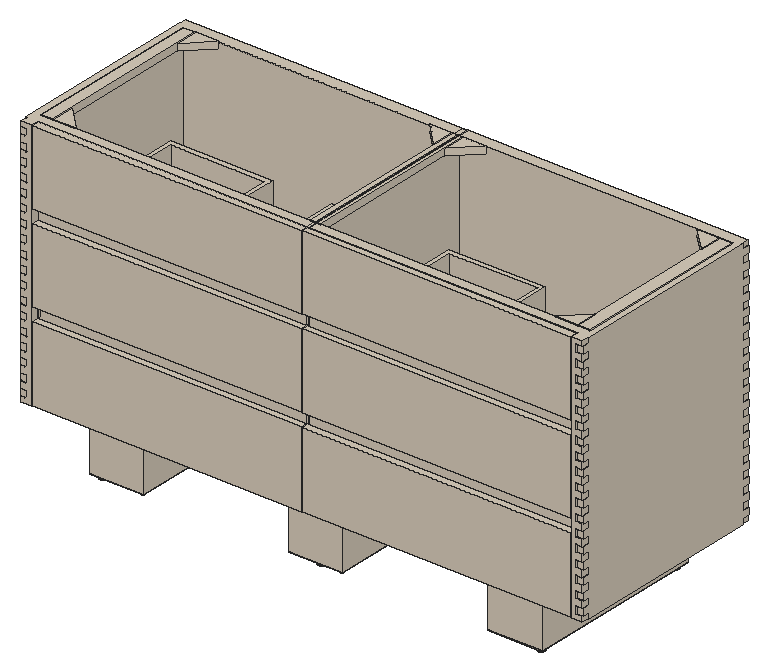
Revit family "Furniture-Floor_Mount-Vanity-KOHLER-Landshapes-K-32299", category Casework, host Face, Revit 2021 (continued)
Definition of nested family "K-32299"
  Lines and regions (in)
    Masking region 2
      outline origin (0, -24, 0) x (1, 0, 0) y (0, 0, 1)
        loop
          line (16.38731, 0.07607) -> (16.38731, 0.27559) -> (18.8368, 0.27559) -> (18.95491, 0.3937) -> (18.95491, 6.1811) -> (31.24952, 6.1811) -> (34.57629, 6.1811) -> (34.57629, 0.3937) -> (34.6944, 0.27559) -> (39.37944, 0.27559) -> (39.37944, 0.07607)
          arc (39.37944, 0.07607) -> (39.40172, 0.02228) -> (39.45551, 0) r 0.07607
          line (39.45551, 0) -> (39.77314, 0) -> (40.09076, 0)
          arc (40.09076, 0) -> (40.14456, 0.02228) -> (40.16684, 0.07607) r 0.07607
          line (40.16684, 0.07607) -> (40.16684, 0.27559) -> (40.36369, 0.27559) -> (40.4818, 0.3937) -> (40.4818, 6.1811) -> (46.50542, 6.1811) -> (46.50542, 33.50394) -> (31.24952, 33.50394) -> (0.7377, 33.50394)
    Masking region 3
      outline origin (-23.2623, 0, 0) x (0, -1, 0) y (0, 0, 1)
        loop
          line (2.38583, 0.3937) -> (2.50394, 0.27559) -> (2.70079, 0.27559) -> (2.70079, 0.0701)
          arc (2.70079, 0.0701) -> (2.72132, 0.02053) -> (2.77089, 0) r 0.0701
          line (2.77089, 0) -> (3.05512, 0) -> (3.41316, 0)
          arc (3.41316, 0) -> (3.46273, 0.02053) -> (3.48327, 0.0701) r 0.0701
          line (3.48327, 0.0701) -> (3.48327, 0.27559) -> (20.92869, 0.27559) -> (20.92869, 0.0701)
          arc (20.92869, 0.0701) -> (20.94923, 0.02053) -> (20.9988, 0) r 0.0701
          line (20.9988, 0) -> (21.35684, 0) -> (21.64107, 0)
          arc (21.64107, 0) -> (21.69064, 0.02053) -> (21.71117, 0.0701) r 0.0701
          line (21.71117, 0.0701) -> (21.71117, 0.27559) -> (21.90802, 0.27559) -> (22.02613, 0.3937) -> (22.02613, 6.1811) -> (24, 6.1811) -> (24, 33.4252) -> (23.92126, 33.4252) -> (23.92126, 33.50394) -> (1.71654, 33.50394) -> (1.71654, 33.4252) -> (1.6378, 33.4252) -> (1.6378, 6.1811) -> (2.38583, 6.1811) -> (2.38583, 0.3937)
    symbolic lines, detail levels medium+fine
      curve 1: line (-14.50836, -24, 33.4252) -> (-13.27804, -24, 33.4252)
      curve 2: line (-14.43946, -24, 33.50394) -> (-14.43946, -24, 33.4252)
      curve 3: line (-14.50836, -24, 33.4252) -> (-14.50836, -24, 33.50394)
      curve 4: line (-13.27804, -24, 6.1811) -> (-13.27804, -24, 33.50394)
      curve 5: line (-13.77017, -24, 32.93307) -> (-14.5182, -24, 32.93307)
      curve 6: line (-13.77017, -24, 32.18504) -> (-13.77017, -24, 32.93307)
      curve 7: line (-14.5182, -24, 32.18504) -> (-13.77017, -24, 32.18504)
      curve 8: line (-13.15993, -24, 25.35433) -> (-13.15993, -24, 33.4252)
      curve 9: line (15.93377, -24, 33.4252) -> (-13.15993, -24, 33.4252)
      curve 10: line (-13.27804, -24, 31.92913) -> (-13.15993, -24, 31.92913)
      curve 11: line (-13.77017, -24, 31.43701) -> (-14.5182, -24, 31.43701)
      curve 12: line (-13.77017, -24, 30.68898) -> (-13.77017, -24, 31.43701)
      curve 13: line (-14.5182, -24, 30.68898) -> (-13.77017, -24, 30.68898)
      curve 14: line (-13.77017, -24, 29.94094) -> (-14.5182, -24, 29.94094)
      curve 15: line (-13.77017, -24, 29.19291) -> (-13.77017, -24, 29.94094)
      curve 16: line (-14.5182, -24, 29.19291) -> (-13.77017, -24, 29.19291)
      curve 17: line (-13.77017, -24, 28.44488) -> (-14.5182, -24, 28.44488)
      curve 18: line (-13.77017, -24, 27.69685) -> (-13.77017, -24, 28.44488)
      curve 19: line (-14.5182, -24, 27.69685) -> (-13.77017, -24, 27.69685)
      curve 20: line (-13.77017, -24, 26.94882) -> (-14.5182, -24, 26.94882)
      curve 21: line (-13.77017, -24, 26.20079) -> (-13.77017, -24, 26.94882)
      curve 22: line (-14.5182, -24, 26.20079) -> (-13.77017, -24, 26.20079)
      curve 23: line (-13.77017, -24, 25.45276) -> (-14.5182, -24, 25.45276)
      curve 24: line (-13.77017, -24, 24.70472) -> (-13.77017, -24, 25.45276)
      curve 25: line (-14.5182, -24, 24.70472) -> (-13.77017, -24, 24.70472)
      curve 26: line (-13.77017, -24, 23.95669) -> (-14.5182, -24, 23.95669)
      curve 27: line (-13.77017, -24, 23.20866) -> (-13.77017, -24, 23.95669)
      curve 28: line (-14.5182, -24, 23.20866) -> (-13.77017, -24, 23.20866)
      curve 29: line (-13.77017, -24, 22.46063) -> (-14.5182, -24, 22.46063)
      curve 30: line (-13.77017, -24, 21.7126) -> (-13.77017, -24, 22.46063)
      curve 31: line (-14.5182, -24, 21.7126) -> (-13.77017, -24, 21.7126)
      curve 32: line (-13.77017, -24, 20.96457) -> (-14.5182, -24, 20.96457)
      curve 33: line (-13.77017, -24, 20.21654) -> (-13.77017, -24, 20.96457)
      curve 34: line (-14.5182, -24, 20.21654) -> (-13.77017, -24, 20.21654)
      curve 35: line (-13.77017, -24, 19.4685) -> (-14.5182, -24, 19.4685)
      curve 36: line (-13.77017, -24, 18.72047) -> (-13.77017, -24, 19.4685)
      curve 37: line (-14.5182, -24, 18.72047) -> (-13.77017, -24, 18.72047)
      curve 38: line (-13.77017, -24, 17.97244) -> (-14.5182, -24, 17.97244)
      curve 39: line (-13.77017, -24, 17.22441) -> (-13.77017, -24, 17.97244)
      curve 40: line (-14.5182, -24, 17.22441) -> (-13.77017, -24, 17.22441)
      curve 41: line (-13.77017, -24, 16.47638) -> (-14.5182, -24, 16.47638)
      curve 42: line (-14.5182, -24, 15.72835) -> (-13.77017, -24, 15.72835)
      curve 43: line (-13.77017, -24, 15.72835) -> (-13.77017, -24, 16.47638)
      curve 44: line (-13.77017, -24, 14.98031) -> (-14.5182, -24, 14.98031)
      curve 45: line (-13.77017, -24, 14.23228) -> (-13.77017, -24, 14.98031)
      curve 46: line (-14.5182, -24, 14.23228) -> (-13.77017, -24, 14.23228)
      curve 47: line (-13.77017, -24, 13.48425) -> (-14.5182, -24, 13.48425)
      curve 48: line (-14.5182, -24, 12.73622) -> (-13.77017, -24, 12.73622)
      curve 49: line (-13.77017, -24, 12.73622) -> (-13.77017, -24, 13.48425)
      curve 50: line (-13.77017, -24, 11.98819) -> (-14.5182, -24, 11.98819)
      curve 51: line (-13.77017, -24, 11.24016) -> (-13.77017, -24, 11.98819)
      curve 52: line (-14.5182, -24, 11.24016) -> (-13.77017, -24, 11.24016)
      curve 53: line (-13.77017, -24, 10.49213) -> (-14.5182, -24, 10.49213)
      curve 54: line (-13.77017, -24, 9.74409) -> (-13.77017, -24, 10.49213)
      curve 55: line (-14.5182, -24, 9.74409) -> (-13.77017, -24, 9.74409)
      curve 56: line (-13.77017, -24, 8.99606) -> (-14.5182, -24, 8.99606)
      curve 57: line (-13.77017, -24, 8.24803) -> (-13.77017, -24, 8.99606)
      curve 58: line (-14.5182, -24, 8.24803) -> (-13.77017, -24, 8.24803)
      curve 59: line (-13.77017, -24, 7.5) -> (-14.5182, -24, 7.5)
      curve 60: line (-13.77017, -24, 6.75197) -> (-13.77017, -24, 7.5)
      curve 61: line (-14.5182, -24, 6.75197) -> (-13.77017, -24, 6.75197)
      curve 62: line (15.93377, -24, 14.37008) -> (-13.15993, -24, 14.37008)
      curve 63: line (-13.15993, -24, 6.1811) -> (-13.15993, -24, 14.37008)
      curve 64: line (-13.15993, -24, 14.48819) -> (15.93377, -24, 14.48819)
      curve 65: line (-13.15993, -24, 15.82677) -> (15.93377, -24, 15.82677)
      curve 66: line (-13.15993, -24, 14.48819) -> (-13.15993, -24, 17.08661)
      curve 67: arc (-13.15993, -24, 14.67785) -> (-13.24589, -24, 14.75045) -> (-13.27804, -24, 14.85827) r 0.19685
      curve 68: arc (-13.1993, -24, 14.85826) -> (-13.18901, -24, 14.81004) -> (-13.15993, -24, 14.77022) r 0.11811
      curve 69: line (-13.1993, -24, 14.85826) -> (-13.1993, -24, 15.27928)
      curve 70: line (-13.1993, -24, 15.27928) -> (-13.15993, -24, 15.33551)
      curve 71: line (-13.1993, -24, 16.5315) -> (-13.27804, -24, 16.5315)
      curve 72: line (-13.1993, -24, 16.43504) -> (-13.1993, -24, 16.5315)
      curve 73: line (-13.15993, -24, 16.37881) -> (-13.1993, -24, 16.43504)
      curve 74: line (-13.15993, -24, 15.82677) -> (-13.15993, -24, 23.89764)
      curve 75: line (15.93377, -24, 23.89764) -> (-13.15993, -24, 23.89764)
      curve 76: line (-13.15993, -24, 24.01575) -> (15.93377, -24, 24.01575)
      curve 77: line (-12.88434, -24, 23.89764) -> (-12.88434, -24, 24.01575)
      curve 78: line (-13.15993, -24, 24.01575) -> (-13.15993, -24, 26.61417)
      curve 79: line (-13.15993, -24, 25.35433) -> (15.93377, -24, 25.35433)
      curve 80: line (-8.21899, -24, 0.27559) -> (-7.43159, -24, 0.27559)
      curve 81: line (-8.21899, -24, 0.07607) -> (-7.43159, -24, 0.07607)
      curve 82: line (-8.53395, -24, 0.3937) -> (-2.62844, -24, 0.3937)
      curve 83: line (-11.28985, -24, 6.1811) -> (-2.62844, -24, 6.1811)
      curve 84: line (46.49558, -24, 33.4252) -> (16.05188, -24, 33.4252)
      curve 85: line (46.42668, -24, 33.50394) -> (46.42668, -24, 33.4252)
      curve 86: line (46.49558, -24, 33.4252) -> (46.49558, -24, 33.50394)
      curve 87: line (16.05188, -24, 6.1811) -> (16.05188, -24, 33.50394)
      curve 88: line (45.75739, -24, 32.93307) -> (46.50542, -24, 32.93307)
      curve 89: line (45.75739, -24, 32.18504) -> (45.75739, -24, 32.93307)
      curve 90: line (46.50542, -24, 32.18504) -> (45.75739, -24, 32.18504)
      curve 91: line (15.93377, -24, 25.35433) -> (15.93377, -24, 33.4252)
      curve 92: line (16.05188, -24, 31.92913) -> (15.93377, -24, 31.92913)
      curve 93: line (45.75739, -24, 31.43701) -> (46.50542, -24, 31.43701)
      curve 94: line (45.75739, -24, 30.68898) -> (45.75739, -24, 31.43701)
      curve 95: line (46.50542, -24, 30.68898) -> (45.75739, -24, 30.68898)
      curve 96: line (45.75739, -24, 29.94094) -> (46.50542, -24, 29.94094)
      curve 97: line (45.75739, -24, 29.19291) -> (45.75739, -24, 29.94094)
      curve 98: line (46.50542, -24, 29.19291) -> (45.75739, -24, 29.19291)
      curve 99: line (45.75739, -24, 28.44488) -> (46.50542, -24, 28.44488)
      curve 100: line (45.75739, -24, 27.69685) -> (45.75739, -24, 28.44488)
      curve 101: line (46.50542, -24, 27.69685) -> (45.75739, -24, 27.69685)
      curve 102: line (45.75739, -24, 26.94882) -> (46.50542, -24, 26.94882)
      curve 103: line (45.75739, -24, 26.20079) -> (45.75739, -24, 26.94882)
      curve 104: line (46.50542, -24, 26.20079) -> (45.75739, -24, 26.20079)
      curve 105: line (45.75739, -24, 25.45276) -> (46.50542, -24, 25.45276)
      curve 106: line (45.75739, -24, 24.70472) -> (45.75739, -24, 25.45276)
      curve 107: line (46.50542, -24, 24.70472) -> (45.75739, -24, 24.70472)
      curve 108: line (45.75739, -24, 23.95669) -> (46.50542, -24, 23.95669)
      curve 109: line (45.75739, -24, 23.20866) -> (45.75739, -24, 23.95669)
      curve 110: line (46.50542, -24, 23.20866) -> (45.75739, -24, 23.20866)
      curve 111: line (45.75739, -24, 22.46063) -> (46.50542, -24, 22.46063)
      curve 112: line (45.75739, -24, 21.7126) -> (45.75739, -24, 22.46063)
      curve 113: line (46.50542, -24, 21.7126) -> (45.75739, -24, 21.7126)
      curve 114: line (45.75739, -24, 20.96457) -> (46.50542, -24, 20.96457)
      curve 115: line (45.75739, -24, 20.21654) -> (45.75739, -24, 20.96457)
      curve 116: line (46.50542, -24, 20.21654) -> (45.75739, -24, 20.21654)
      curve 117: line (45.75739, -24, 19.4685) -> (46.50542, -24, 19.4685)
      curve 118: line (45.75739, -24, 18.72047) -> (45.75739, -24, 19.4685)
      curve 119: line (46.50542, -24, 18.72047) -> (45.75739, -24, 18.72047)
      curve 120: line (45.75739, -24, 17.97244) -> (46.50542, -24, 17.97244)
      curve 121: line (45.75739, -24, 17.22441) -> (45.75739, -24, 17.97244)
      curve 122: line (46.50542, -24, 17.22441) -> (45.75739, -24, 17.22441)
      curve 123: line (45.75739, -24, 16.47638) -> (46.50542, -24, 16.47638)
      curve 124: line (46.50542, -24, 15.72835) -> (45.75739, -24, 15.72835)
      curve 125: line (45.75739, -24, 15.72835) -> (45.75739, -24, 16.47638)
      curve 126: line (45.75739, -24, 14.98031) -> (46.50542, -24, 14.98031)
      curve 127: line (45.75739, -24, 14.23228) -> (45.75739, -24, 14.98031)
      curve 128: line (46.50542, -24, 14.23228) -> (45.75739, -24, 14.23228)
      curve 129: line (45.75739, -24, 13.48425) -> (46.50542, -24, 13.48425)
      curve 130: line (46.50542, -24, 12.73622) -> (45.75739, -24, 12.73622)
      curve 131: line (45.75739, -24, 12.73622) -> (45.75739, -24, 13.48425)
      curve 132: line (45.75739, -24, 11.98819) -> (46.50542, -24, 11.98819)
      curve 133: line (45.75739, -24, 11.24016) -> (45.75739, -24, 11.98819)
      curve 134: line (46.50542, -24, 11.24016) -> (45.75739, -24, 11.24016)
      curve 135: line (45.75739, -24, 10.49213) -> (46.50542, -24, 10.49213)
      curve 136: line (45.75739, -24, 9.74409) -> (45.75739, -24, 10.49213)
      curve 137: line (46.50542, -24, 9.74409) -> (45.75739, -24, 9.74409)
      curve 138: line (45.75739, -24, 8.99606) -> (46.50542, -24, 8.99606)
      curve 139: line (45.75739, -24, 8.24803) -> (45.75739, -24, 8.99606)
      curve 140: line (46.50542, -24, 8.24803) -> (45.75739, -24, 8.24803)
      curve 141: line (45.75739, -24, 7.5) -> (46.50542, -24, 7.5)
      curve 142: line (45.75739, -24, 6.75197) -> (45.75739, -24, 7.5)
      curve 143: line (46.50542, -24, 6.75197) -> (45.75739, -24, 6.75197)
      curve 144: line (15.93377, -24, 6.1811) -> (15.93377, -24, 14.37008)
      curve 145: line (15.93377, -24, 14.48819) -> (15.93377, -24, 17.08661)
      curve 146: line (15.93377, -24, 15.82677) -> (15.93377, -24, 23.89764)
      curve 147: line (15.65818, -24, 23.89764) -> (15.65818, -24, 24.01575)
      curve 148: line (15.93377, -24, 24.01575) -> (15.93377, -24, 26.61417)
      curve 149: line (16.38731, -24, 0.27559) -> (15.59991, -24, 0.27559)
      curve 150: line (16.38731, -24, 0.07607) -> (15.59991, -24, 0.07607)
      curve 151: line (18.95491, -24, 0.3937) -> (13.0494, -24, 0.3937)
      curve 152: line (12.76526, -24, 6.1811) -> (6.85975, -24, 6.1811)
      curve 153: line (-13.27804, -24, 28.93701) -> (-13.15993, -24, 28.93701)
      curve 154: arc (-13.15993, -24, 7.07943) -> (-13.24589, -24, 7.15202) -> (-13.27804, -24, 7.25984) r 0.19685
      curve 155: arc (-13.1993, -24, 7.25983) -> (-13.18901, -24, 7.21161) -> (-13.15993, -24, 7.1718) r 0.11811
      curve 156: line (-13.1993, -24, 7.25983) -> (-13.1993, -24, 7.68085)
      curve 157: line (-13.1993, -24, 7.68085) -> (-13.15993, -24, 7.73708)
      curve 158: line (-13.1993, -24, 8.93307) -> (-13.27804, -24, 8.93307)
      curve 159: line (-13.1993, -24, 8.83661) -> (-13.1993, -24, 8.93307)
      curve 160: line (-13.15993, -24, 8.78039) -> (-13.1993, -24, 8.83661)
      curve 161: line (-13.27804, -24, 6.88976) -> (-13.15993, -24, 6.88976)
      curve 162: line (15.93377, -24, 8.93307) -> (16.05188, -24, 8.93307)
      curve 163: line (16.05188, -24, 6.88976) -> (15.93377, -24, 6.88976)
      curve 164: line (16.05188, -24, 28.93701) -> (15.93377, -24, 28.93701)
      curve 165: line (-23.2623, -1.6378, 32.93307) -> (-23.2623, -2.38583, 32.93307)
      curve 166: line (-23.2623, -2.38583, 32.93307) -> (-23.2623, -2.38583, 33.50394)
      curve 167: line (-23.2623, -2.38583, 32.18504) -> (-23.2623, -1.6378, 32.18504)
      curve 168: line (-23.2623, -2.38583, 31.43701) -> (-23.2623, -2.38583, 32.18504)
      curve 169: line (-23.2623, -1.6378, 31.43701) -> (-23.2623, -2.38583, 31.43701)
      curve 170: line (-23.2623, -2.38583, 30.68898) -> (-23.2623, -1.6378, 30.68898)
      curve 171: line (-23.2623, -2.38583, 29.94094) -> (-23.2623, -2.38583, 30.68898)
      curve 172: line (-23.2623, -1.6378, 29.94094) -> (-23.2623, -2.38583, 29.94094)
      curve 173: line (-23.2623, -2.38583, 29.19291) -> (-23.2623, -1.6378, 29.19291)
      curve 174: line (-23.2623, -2.38583, 28.44488) -> (-23.2623, -2.38583, 29.19291)
      curve 175: line (-23.2623, -1.6378, 28.44488) -> (-23.2623, -2.38583, 28.44488)
      curve 176: line (-23.2623, -2.38583, 27.69685) -> (-23.2623, -1.6378, 27.69685)
      curve 177: line (-23.2623, -2.38583, 26.94882) -> (-23.2623, -2.38583, 27.69685)
      curve 178: line (-23.2623, -1.6378, 26.94882) -> (-23.2623, -2.38583, 26.94882)
      curve 179: line (-23.2623, -2.38583, 26.20079) -> (-23.2623, -1.6378, 26.20079)
      curve 180: line (-23.2623, -2.38583, 25.45276) -> (-23.2623, -2.38583, 26.20079)
      curve 181: line (-23.2623, -1.6378, 25.45276) -> (-23.2623, -2.38583, 25.45276)
      curve 182: line (-23.2623, -2.38583, 24.70472) -> (-23.2623, -1.6378, 24.70472)
      curve 183: line (-23.2623, -2.38583, 23.95669) -> (-23.2623, -2.38583, 24.70472)
      curve 184: line (-23.2623, -1.6378, 23.95669) -> (-23.2623, -2.38583, 23.95669)
      curve 185: line (-23.2623, -2.38583, 23.20866) -> (-23.2623, -1.6378, 23.20866)
      curve 186: line (-23.2623, -2.38583, 22.46063) -> (-23.2623, -2.38583, 23.20866)
      curve 187: line (-23.2623, -1.6378, 22.46063) -> (-23.2623, -2.38583, 22.46063)
      curve 188: line (-23.2623, -2.38583, 21.7126) -> (-23.2623, -1.6378, 21.7126)
      curve 189: line (-23.2623, -2.38583, 20.96457) -> (-23.2623, -2.38583, 21.7126)
      curve 190: line (-23.2623, -1.6378, 20.96457) -> (-23.2623, -2.38583, 20.96457)
      curve 191: line (-23.2623, -2.38583, 20.21654) -> (-23.2623, -1.6378, 20.21654)
      curve 192: line (-23.2623, -2.38583, 19.4685) -> (-23.2623, -2.38583, 20.21654)
      curve 193: line (-23.2623, -1.6378, 19.4685) -> (-23.2623, -2.38583, 19.4685)
      curve 194: line (-23.2623, -2.38583, 18.72047) -> (-23.2623, -1.6378, 18.72047)
      curve 195: line (-23.2623, -2.38583, 17.97244) -> (-23.2623, -2.38583, 18.72047)
      curve 196: line (-23.2623, -1.6378, 17.97244) -> (-23.2623, -2.38583, 17.97244)
      curve 197: line (-23.2623, -2.38583, 17.22441) -> (-23.2623, -1.6378, 17.22441)
      curve 198: line (-23.2623, -2.38583, 16.47638) -> (-23.2623, -2.38583, 17.22441)
      curve 199: line (-23.2623, -1.6378, 16.47638) -> (-23.2623, -2.38583, 16.47638)
      curve 200: line (-23.2623, -2.38583, 15.72835) -> (-23.2623, -1.6378, 15.72835)
      curve 201: line (-23.2623, -2.38583, 14.98031) -> (-23.2623, -2.38583, 15.72835)
      curve 202: line (-23.2623, -1.6378, 14.98031) -> (-23.2623, -2.38583, 14.98031)
      curve 203: line (-23.2623, -2.38583, 14.23228) -> (-23.2623, -1.6378, 14.23228)
      curve 204: line (-23.2623, -2.38583, 13.48425) -> (-23.2623, -2.38583, 14.23228)
      curve 205: line (-23.2623, -1.6378, 13.48425) -> (-23.2623, -2.38583, 13.48425)
      curve 206: line (-23.2623, -2.38583, 12.73622) -> (-23.2623, -1.6378, 12.73622)
      curve 207: line (-23.2623, -2.38583, 11.98819) -> (-23.2623, -2.38583, 12.73622)
      curve 208: line (-23.2623, -1.6378, 11.98819) -> (-23.2623, -2.38583, 11.98819)
      curve 209: line (-23.2623, -2.38583, 11.24016) -> (-23.2623, -1.6378, 11.24016)
      curve 210: line (-23.2623, -2.38583, 10.49213) -> (-23.2623, -2.38583, 11.24016)
      curve 211: line (-23.2623, -1.6378, 10.49213) -> (-23.2623, -2.38583, 10.49213)
      curve 212: line (-23.2623, -2.38583, 9.74409) -> (-23.2623, -1.6378, 9.74409)
      curve 213: line (-23.2623, -2.38583, 8.99606) -> (-23.2623, -2.38583, 9.74409)
      curve 214: line (-23.2623, -1.6378, 8.99606) -> (-23.2623, -2.38583, 8.99606)
      curve 215: line (-23.2623, -2.38583, 8.24803) -> (-23.2623, -1.6378, 8.24803)
      curve 216: line (-23.2623, -2.38583, 7.5) -> (-23.2623, -2.38583, 8.24803)
      curve 217: line (-23.2623, -1.6378, 7.5) -> (-23.2623, -2.38583, 7.5)
      curve 218: line (-23.2623, -2.38583, 6.75197) -> (-23.2623, -1.6378, 6.75197)
      curve 219: line (-23.2623, -2.38583, 6.1811) -> (-23.2623, -2.38583, 6.75197)
      curve 220: line (-23.2623, -1.6378, 6.1811) -> (-23.2623, -23.99016, 6.1811)
      curve 221: line (-23.2623, -22.0315, 0.3937) -> (-23.2623, -2.38583, 0.3937)
      curve 222: line (-23.2623, -2.50394, 0.27559) -> (-23.2623, -21.91339, 0.27559)
      curve 223: line (-23.2623, -24, 32.93307) -> (-23.2623, -23.25197, 32.93307)
      curve 224: line (-23.2623, -23.25197, 32.93307) -> (-23.2623, -23.25197, 33.50394)
      curve 225: line (-23.2623, -23.25197, 32.18504) -> (-23.2623, -24, 32.18504)
      curve 226: line (-23.2623, -23.25197, 31.43701) -> (-23.2623, -23.25197, 32.18504)
      curve 227: line (-23.2623, -24, 31.43701) -> (-23.2623, -23.25197, 31.43701)
      curve 228: line (-23.2623, -23.25197, 30.68898) -> (-23.2623, -24, 30.68898)
      curve 229: line (-23.2623, -23.25197, 29.94094) -> (-23.2623, -23.25197, 30.68898)
      curve 230: line (-23.2623, -24, 29.94094) -> (-23.2623, -23.25197, 29.94094)
      curve 231: line (-23.2623, -23.25197, 29.19291) -> (-23.2623, -24, 29.19291)
      curve 232: line (-23.2623, -23.25197, 28.44488) -> (-23.2623, -23.25197, 29.19291)
      curve 233: line (-23.2623, -24, 28.44488) -> (-23.2623, -23.25197, 28.44488)
      curve 234: line (-23.2623, -23.25197, 27.69685) -> (-23.2623, -24, 27.69685)
      curve 235: line (-23.2623, -23.25197, 26.94882) -> (-23.2623, -23.25197, 27.69685)
      curve 236: line (-23.2623, -24, 26.94882) -> (-23.2623, -23.25197, 26.94882)
      curve 237: line (-23.2623, -23.25197, 26.20079) -> (-23.2623, -24, 26.20079)
      curve 238: line (-23.2623, -23.25197, 25.45276) -> (-23.2623, -23.25197, 26.20079)
      curve 239: line (-23.2623, -24, 25.45276) -> (-23.2623, -23.25197, 25.45276)
      curve 240: line (-23.2623, -23.25197, 24.70472) -> (-23.2623, -24, 24.70472)
      curve 241: line (-23.2623, -23.25197, 23.95669) -> (-23.2623, -23.25197, 24.70472)
      curve 242: line (-23.2623, -24, 23.95669) -> (-23.2623, -23.25197, 23.95669)
      curve 243: line (-23.2623, -23.25197, 23.20866) -> (-23.2623, -24, 23.20866)
      curve 244: line (-23.2623, -23.25197, 22.46063) -> (-23.2623, -23.25197, 23.20866)
      curve 245: line (-23.2623, -24, 22.46063) -> (-23.2623, -23.25197, 22.46063)
      curve 246: line (-23.2623, -23.25197, 21.7126) -> (-23.2623, -24, 21.7126)
      curve 247: line (-23.2623, -23.25197, 20.96457) -> (-23.2623, -23.25197, 21.7126)
      curve 248: line (-23.2623, -24, 20.96457) -> (-23.2623, -23.25197, 20.96457)
      curve 249: line (-23.2623, -23.25197, 20.21654) -> (-23.2623, -24, 20.21654)
      curve 250: line (-23.2623, -23.25197, 19.4685) -> (-23.2623, -23.25197, 20.21654)
      curve 251: line (-23.2623, -24, 19.4685) -> (-23.2623, -23.25197, 19.4685)
      curve 252: line (-23.2623, -23.25197, 18.72047) -> (-23.2623, -24, 18.72047)
      curve 253: line (-23.2623, -23.25197, 17.97244) -> (-23.2623, -23.25197, 18.72047)
      curve 254: line (-23.2623, -24, 17.97244) -> (-23.2623, -23.25197, 17.97244)
      curve 255: line (-23.2623, -23.25197, 17.22441) -> (-23.2623, -24, 17.22441)
      curve 256: line (-23.2623, -23.25197, 16.47638) -> (-23.2623, -23.25197, 17.22441)
      curve 257: line (-23.2623, -24, 16.47638) -> (-23.2623, -23.25197, 16.47638)
      curve 258: line (-23.2623, -23.25197, 15.72835) -> (-23.2623, -24, 15.72835)
      curve 259: line (-23.2623, -23.25197, 14.98031) -> (-23.2623, -23.25197, 15.72835)
      curve 260: line (-23.2623, -24, 14.98031) -> (-23.2623, -23.25197, 14.98031)
      curve 261: line (-23.2623, -23.25197, 14.23228) -> (-23.2623, -24, 14.23228)
      curve 262: line (-23.2623, -23.25197, 13.48425) -> (-23.2623, -23.25197, 14.23228)
      curve 263: line (-23.2623, -24, 13.48425) -> (-23.2623, -23.25197, 13.48425)
      curve 264: line (-23.2623, -23.25197, 12.73622) -> (-23.2623, -24, 12.73622)
      curve 265: line (-23.2623, -23.25197, 11.98819) -> (-23.2623, -23.25197, 12.73622)
      curve 266: line (-23.2623, -24, 11.98819) -> (-23.2623, -23.25197, 11.98819)
      curve 267: line (-23.2623, -23.25197, 11.24016) -> (-23.2623, -24, 11.24016)
      curve 268: line (-23.2623, -23.25197, 10.49213) -> (-23.2623, -23.25197, 11.24016)
      curve 269: line (-23.2623, -24, 10.49213) -> (-23.2623, -23.25197, 10.49213)
      curve 270: line (-23.2623, -23.25197, 9.74409) -> (-23.2623, -24, 9.74409)
      curve 271: line (-23.2623, -23.25197, 8.99606) -> (-23.2623, -23.25197, 9.74409)
      curve 272: line (-23.2623, -24, 8.99606) -> (-23.2623, -23.25197, 8.99606)
      curve 273: line (-23.2623, -23.25197, 8.24803) -> (-23.2623, -24, 8.24803)
      curve 274: line (-23.2623, -23.25197, 7.5) -> (-23.2623, -23.25197, 8.24803)
      curve 275: line (-23.2623, -24, 7.5) -> (-23.2623, -23.25197, 7.5)
      curve 276: line (-23.2623, -23.25197, 6.75197) -> (-23.2623, -24, 6.75197)
      curve 277: line (-23.2623, -23.25197, 6.1811) -> (-23.2623, -23.25197, 6.75197)
      curve 278: line (-23.2623, -2.70079, 0.0701) -> (-23.2623, -3.48327, 0.0701)
      curve 279: line (-23.2623, -21.71117, 0.0701) -> (-23.2623, -20.92869, 0.0701)
      curve 280: line (45.26526, -24, 6.1811) -> (45.26526, -24, 33.50394)
      curve 281: line (45.14715, -24, 25.35433) -> (45.14715, -24, 33.4252)
      curve 282: line (17.35188, -24, 33.4252) -> (45.14715, -24, 33.4252)
      curve 283: line (45.26526, -24, 31.92913) -> (45.14715, -24, 31.92913)
      curve 284: line (16.05188, -24, 14.37008) -> (45.14715, -24, 14.37008)
      curve 285: line (45.14715, -24, 6.1811) -> (45.14715, -24, 14.37008)
      curve 286: line (45.14715, -24, 14.48819) -> (16.05188, -24, 14.48819)
      curve 287: line (45.14715, -24, 15.82677) -> (16.05188, -24, 15.82677)
      curve 288: line (45.14715, -24, 14.48819) -> (45.14715, -24, 17.08661)
      curve 289: arc (45.14715, -24, 14.67785) -> (45.23311, -24, 14.75045) -> (45.26526, -24, 14.85827) r 0.19685
      curve 290: arc (45.18652, -24, 14.85826) -> (45.17623, -24, 14.81004) -> (45.14715, -24, 14.77022) r 0.11811
      curve 291: line (45.18652, -24, 14.85826) -> (45.18652, -24, 15.27928)
      curve 292: line (45.18652, -24, 15.27928) -> (45.14715, -24, 15.33551)
      curve 293: line (45.18652, -24, 16.5315) -> (45.26526, -24, 16.5315)
      curve 294: line (45.18652, -24, 16.43504) -> (45.18652, -24, 16.5315)
      curve 295: line (45.14715, -24, 16.37881) -> (45.18652, -24, 16.43504)
      curve 296: line (45.14715, -24, 15.82677) -> (45.14715, -24, 23.89764)
      curve 297: line (16.05188, -24, 23.89764) -> (45.14715, -24, 23.89764)
      curve 298: line (45.14715, -24, 24.01575) -> (16.05188, -24, 24.01575)
      curve 299: line (44.87156, -24, 23.89764) -> (44.87156, -24, 24.01575)
      curve 300: line (45.14715, -24, 24.01575) -> (45.14715, -24, 26.61417)
      curve 301: line (45.14715, -24, 25.35433) -> (16.05188, -24, 25.35433)
      curve 302: line (43.27707, -24, 6.1811) -> (34.57629, -24, 6.1811)
      curve 303: line (19.22196, -24, 6.1811) -> (25.12747, -24, 6.1811)
      curve 304: line (45.26526, -24, 28.93701) -> (45.14715, -24, 28.93701)
      curve 305: arc (45.14715, -24, 7.07943) -> (45.23311, -24, 7.15202) -> (45.26526, -24, 7.25984) r 0.19685
      curve 306: arc (45.18652, -24, 7.25983) -> (45.17623, -24, 7.21161) -> (45.14715, -24, 7.1718) r 0.11811
      curve 307: line (45.18652, -24, 7.25983) -> (45.18652, -24, 7.68085)
      curve 308: line (45.18652, -24, 7.68085) -> (45.14715, -24, 7.73708)
      curve 309: line (45.18652, -24, 8.93307) -> (45.26526, -24, 8.93307)
      curve 310: line (45.18652, -24, 8.83661) -> (45.18652, -24, 8.93307)
      curve 311: line (45.14715, -24, 8.78039) -> (45.18652, -24, 8.83661)
      curve 312: line (45.26526, -24, 6.88976) -> (45.14715, -24, 6.88976)
      curve 313: line (13.0494, -24, 6.1811) -> (18.95491, -24, 6.1811)
      curve 314: line (-13.77017, -1.71654, 0) -> (45.75739, -1.71654, 0)
      curve 315: line (-14.50836, -1.71654, 0) -> (-13.77017, -1.71654, 0)
      curve 316: line (-13.77017, -2.77953, 0) -> (-13.77017, -1.71654, 0)
      curve 317: line (-13.77017, -2.77953, 0) -> (45.75739, -2.77953, 0)
      curve 318: line (-13.77017, -22.11024, 0) -> (-13.77017, -2.77953, 0)
      curve 319: line (-12.19537, -22.11024, 0) -> (-12.19537, -2.77953, 0)
      curve 320: line (-12.19537, -5.53543, 0) -> (-9.43946, -2.77953, 0)
      curve 321: line (-14.5182, -24, 0) -> (-13.77017, -23.25197, 0)
      curve 322: line (-13.27804, -23.92126, 0) -> (-14.43946, -23.92126, 0)
      curve 323: line (-13.77017, -23.25197, 0) -> (-13.02214, -23.25197, 0)
      curve 324: line (-13.77017, -23.17323, 0) -> (45.75739, -23.17323, 0)
      curve 325: line (-13.77017, -23.25197, 0) -> (-13.77017, -22.11024, 0)
      curve 326: line (45.75739, -22.11024, 0) -> (-13.77017, -22.11024, 0)
      curve 327: line (15.93456, -23.25197, 0) -> (-12.90403, -23.25197, 0)
      curve 328: line (-13.77017, -23.17323, 0) -> (45.75739, -23.17323, 0)
      curve 329: line (45.75739, -22.11024, 0) -> (-13.77017, -22.11024, 0)
      curve 330: line (-9.43946, -22.11024, 0) -> (-12.19537, -19.35433, 0)
      curve 331: line (-2.343, -6.08661, 0) -> (-2.343, -22.11024, 0)
      curve 332: line (-1.9493, -22.11024, 0) -> (-1.9493, -5.5748, 0)
      curve 333: line (-1.9493, -15.77165, 0) -> (4.54676, -15.77165, 0)
      curve 334: line (4.54676, -15.37795, 0) -> (-1.9493, -15.37795, 0)
      curve 335: line (4.94046, -22.11024, 0) -> (4.94046, -6.08661, 0)
      curve 336: line (4.54676, -5.5748, 0) -> (4.54676, -22.11024, 0)
      curve 337: line (-12.19537, -6.08661, 0) -> (15.22589, -6.08661, 0)
      curve 338: line (15.22589, -5.5748, 0) -> (-12.19537, -5.5748, 0)
      curve 339: line (-11.08231, -5.5748, 0) -> (-11.08231, -5.34133, 0)
      curve 340: line (-11.08231, -5.34133, 0) -> (-12.00126, -5.34133, 0)
      curve 341: line (-12.09324, -5.43331, 0) -> (-12.09324, -5.51474, 0)
      curve 342: line (-12.09324, -5.51474, 0) -> (-12.17468, -5.51474, 0)
      curve 343: line (-12.11477, -5.51474, 0) -> (-12.11477, -5.5748, 0)
      curve 344: line (-12.05702, -5.39709, 0) -> (-11.4465, -5.39709, 0)
      curve 345: line (-11.4465, -5.39709, 0) -> (-11.4465, -5.5748, 0)
      curve 346: line (-11.56471, -5.34133, 0) -> (-11.56471, -5.39709, 0)
      curve 347: line (12.86369, -2.77953, 0) -> (15.61959, -5.53543, 0)
      curve 348: line (14.83219, -6.08661, 0) -> (14.83219, -22.11024, 0)
      curve 349: line (15.22589, -22.11024, 0) -> (15.22589, -5.5748, 0)
      curve 350: line (15.22589, -21.20472, 0) -> (15.50148, -21.20472, 0)
      curve 351: line (15.50148, -7.97638, 0) -> (15.50148, -22.11024, 0)
      curve 352: line (15.54085, -7.97638, 0) -> (15.54085, -22.11024, 0)
      curve 353: line (15.61959, -22.11024, 0) -> (15.61959, -2.77953, 0)
      curve 354: line (15.22589, -7.97638, 0) -> (15.61959, -7.97638, 0)
      curve 355: line (15.49361, -8.6063, 0) -> (15.22589, -8.6063, 0)
      curve 356: line (12.86369, -2.77953, 0) -> (15.61959, -5.53543, 0)
      curve 357: line (46.49558, -1.71654, 0) -> (45.75739, -1.71654, 0)
      curve 358: line (45.75739, -2.77953, 0) -> (45.75739, -1.71654, 0)
      curve 359: line (45.75739, -22.11024, 0) -> (45.75739, -2.77953, 0)
      curve 360: line (44.18259, -22.11024, 0) -> (44.18259, -2.77953, 0)
      curve 361: line (44.18259, -5.53543, 0) -> (41.42668, -2.77953, 0)
      curve 362: line (46.50542, -24, 0) -> (45.75739, -23.25197, 0)
      curve 363: line (45.26526, -23.92126, 0) -> (46.42668, -23.92126, 0)
      curve 364: line (45.75739, -23.25197, 0) -> (45.00936, -23.25197, 0)
      curve 365: line (45.75739, -23.25197, 0) -> (45.75739, -22.11024, 0)
      curve 366: line (16.05267, -23.25197, 0) -> (44.89125, -23.25197, 0)
      curve 367: line (41.42668, -22.11024, 0) -> (44.18259, -19.35433, 0)
      curve 368: line (34.33022, -6.08661, 0) -> (34.33022, -22.11024, 0)
      curve 369: line (33.93652, -22.11024, 0) -> (33.93652, -5.5748, 0)
      curve 370: line (33.93652, -15.77165, 0) -> (27.44046, -15.77165, 0)
      curve 371: line (27.44046, -15.37795, 0) -> (33.93652, -15.37795, 0)
      curve 372: line (27.04676, -22.11024, 0) -> (27.04676, -6.08661, 0)
      curve 373: line (27.44046, -5.5748, 0) -> (27.44046, -22.11024, 0)
      curve 374: line (44.18259, -6.08661, 0) -> (16.76133, -6.08661, 0)
      curve 375: line (16.76133, -5.5748, 0) -> (44.18259, -5.5748, 0)
      curve 376: line (43.06953, -5.5748, 0) -> (43.06953, -5.34133, 0)
      curve 377: line (43.06953, -5.34133, 0) -> (43.98848, -5.34133, 0)
      curve 378: line (44.08046, -5.43331, 0) -> (44.08046, -5.51474, 0)
      curve 379: line (44.08046, -5.51474, 0) -> (44.1619, -5.51474, 0)
      curve 380: line (44.10199, -5.51474, 0) -> (44.10199, -5.5748, 0)
      curve 381: line (44.04424, -5.39709, 0) -> (43.43372, -5.39709, 0)
      curve 382: line (43.43372, -5.39709, 0) -> (43.43372, -5.5748, 0)
      curve 383: line (43.55193, -5.34133, 0) -> (43.55193, -5.39709, 0)
      curve 384: line (19.12353, -2.77953, 0) -> (16.36763, -5.53543, 0)
      curve 385: line (17.15503, -6.08661, 0) -> (17.15503, -22.11024, 0)
      curve 386: line (16.76133, -22.11024, 0) -> (16.76133, -5.5748, 0)
      curve 387: line (16.76133, -21.20472, 0) -> (16.48574, -21.20472, 0)
      curve 388: line (16.48574, -7.97638, 0) -> (16.48574, -22.11024, 0)
      curve 389: line (16.44637, -7.97638, 0) -> (16.44637, -22.11024, 0)
      curve 390: line (16.36763, -22.11024, 0) -> (16.36763, -2.77953, 0)
      curve 391: line (16.76133, -7.97638, 0) -> (16.36763, -7.97638, 0)
      curve 392: line (16.49361, -8.6063, 0) -> (16.76133, -8.6063, 0)
      curve 393: line (19.12353, -2.77953, 0) -> (16.36763, -5.53543, 0)
      curve 394: line (40.20621, -24, 0.27559) -> (39.41881, -24, 0.27559)
      curve 395: line (40.20621, -24, 0.07607) -> (39.41881, -24, 0.07607)
      curve 396: line (40.52117, -24, 0.3937) -> (34.61566, -24, 0.3937)
  Dimensions and locks (in)
    equal spacing: plane 3 "Left", plane 2 "Center (Left/Right)", plane 4 "Right"
    "Height": level to plane 6 "Top"
    plane 9 to plane 5 "Front" = 22.3622"
    plane 10 to plane 11 = 27.79528"
    plane 12 to plane 5 "Front" = 15.59055"
    plane 20 to plane 19 = 22.6378"
    plane 25 to plane 24 = 18.22835"
    plane 9 to plane 23 = 0.74803"
    plane 26 to plane 2 "Center (Left/Right)" = 15.25591"
    plane 26 to plane 37 = 61.02362"
    aligned and locked: plane 1 to level
  Automatic sketch dimensions
    plane 5 "Front" to curve 321 = 0"
    curve 321 to plane 7 = 0"
    plane 5 "Front" to curve 362 = 0"
    curve 362 to plane 37 = 0"
    curve 315 to plane 9 = 0.07874"
    curve 315 to plane 10 = 0.61024"
    curve 342 to plane 21 = 0.80339"
    curve 344 to plane 21 = 0.15665"
    plane 21 to curve 339 = 0.20755"
    curve 338 to plane 11 = 0.59055"
    curve 386 to plane 30 = 0.59055"
    plane 35 to curve 376 = 0.20755"
    curve 382 to plane 35 = 0.15665"
    curve 382 to curve 379 = 0.64674"
    curve 365 to plane 29 = 0.61024"
    curve 365 to plane 5 "Front" = 0.74803"
    curve 325 to plane 5 "Front" = 0.74803"
    plane 24 to curve 359 = 0.82677"
    plane 25 to curve 375 = 2.51969"
    curve 349 to curve 375 = 0"
    curve 380 to curve 379 = 0.06006"
    curve 343 to curve 341 = 0.06006"
    curve 345 to curve 345 = 0.17772"
    curve 382 to curve 382 = 0.17772"
    curve 376 to curve 377 = 0.23347"
    curve 339 to curve 340 = 0.23347"
    curve 358 to plane 25 = 0.27559"
    plane 7 to curve 315 = 0.00984"
    curve 322 to plane 5 "Front" = 0.07874"
    curve 322 to plane 10 = 0.11811"
    plane 10 to curve 323 = 0.1378"
    curve 323 to curve 327 = 0.11811"
    curve 338 to curve 341 = 0.10212"
    curve 320 to curve 342 = 0.02069"
    curve 343 to curve 341 = 0.02152"
    curve 341 to curve 344 = 0.03623"
    curve 346 to curve 344 = 0.11821"
    plane 19 to curve 330 = 1.14173"
    plane 13 to curve 331 = 2.91929"
    curve 331 to curve 332 = 0.3937"
    plane 14 to curve 333 = 2.19094"
    curve 336 to curve 335 = 0.3937"
    curve 347 to plane 22 = 0.09843"
    curve 356 to curve 347 = 0"
    curve 348 to plane 11 = 0.19685"
    curve 355 to curve 355 = 0.26772"
    curve 349 to curve 351 = 0.27559"
    curve 351 to curve 352 = 0.03937"
    curve 352 to curve 354 = 0.07874"
    plane 8 to curve 327 = 0.05906"
    curve 366 to plane 8 = 0.05906"
    curve 391 to plane 8 = 0.37402"
    curve 391 to curve 389 = 0.07874"
    curve 389 to curve 388 = 0.03937"
    curve 392 to curve 392 = 0.26772"
    curve 385 to plane 30 = 0.19685"
    curve 384 to plane 36 = 0.09843"
    curve 393 to curve 384 = 0"
    plane 32 to curve 372 = 1.79724"
    curve 372 to curve 373 = 0.3937"
    curve 371 to plane 28 "2" = 2.68701"
    curve 369 to curve 368 = 0.3937"
    plane 33 to curve 367 = 1.14173"
    plane 33 to curve 361 = 1.14173"
    curve 381 to curve 383 = 0.11821"
    curve 377 to curve 378 = 0.09198"
    curve 378 to curve 380 = 0.02152"
    curve 367 to plane 35 = 0.90551"
    plane 29 to curve 366 = 0.25591"
    curve 366 to curve 364 = 0.11811"
    curve 363 to plane 29 = 0.11811"
    curve 363 to plane 5 "Front" = 0.07874"
    plane 37 to curve 357 = 0.00984"
    curve 366 to plane 5 "Front" = 0.74803"
    curve 323 to curve 327 = 0"
    curve 362 to curve 328 = 0.07874"
    curve 324 to curve 328 = 0"
    curve 350 to plane 24 = 0.07874"
    curve 387 to plane 24 = 0.07874"
    curve 367 to plane 24 = 1.92913"
    curve 330 to plane 24 = 1.92913"
    curve 370 to plane 24 = 5.51181"
    curve 333 to plane 24 = 5.51181"
    curve 370 to curve 371 = 0.3937"
    curve 333 to curve 334 = 0.3937"
    curve 392 to plane 12 = 0.19685"
    curve 355 to plane 12 = 0.19685"
    plane 12 to curve 354 = 0.43307"
    plane 12 to curve 389 = 0.43307"
    curve 385 to curve 375 = 0.51181"
    curve 337 to curve 338 = 0.51181"
    curve 338 to curve 356 = 0.03937"
    curve 347 to curve 356 = 0"
    curve 375 to curve 393 = 0.03937"
    curve 384 to curve 393 = 0"
    curve 56 to plane 7 = 0"
    curve 55 to plane 7 = 0"
    curve 53 to plane 7 = 0"
    curve 52 to plane 7 = 0"
    curve 22 to plane 7 = 0"
    curve 19 to plane 7 = 0"
    curve 61 to plane 7 = 0"
    curve 50 to plane 7 = 0"
    curve 48 to plane 7 = 0"
    curve 5 to plane 7 = 0"
    curve 47 to plane 7 = 0"
    curve 46 to plane 7 = 0"
    curve 7 to plane 7 = 0"
    curve 44 to plane 7 = 0"
    curve 42 to plane 7 = 0"
    curve 59 to plane 7 = 0"
    curve 41 to plane 7 = 0"
    curve 40 to plane 7 = 0"
    curve 58 to plane 7 = 0"
    curve 38 to plane 7 = 0"
    curve 37 to plane 7 = 0"
    curve 11 to plane 7 = 0"
    curve 35 to plane 7 = 0"
    curve 34 to plane 7 = 0"
    curve 13 to plane 7 = 0"
    curve 32 to plane 7 = 0"
    curve 31 to plane 7 = 0"
    curve 14 to plane 7 = 0"
    curve 29 to plane 7 = 0"
    curve 23 to plane 7 = 0"
    curve 16 to plane 7 = 0"
    curve 28 to plane 7 = 0"
    curve 26 to plane 7 = 0"
    curve 17 to plane 7 = 0"
    curve 25 to plane 7 = 0"
    curve 20 to plane 7 = 0"
    curve 3 to plane 6 "Top" = 0"
    curve 2 to plane 6 "Top" = 0"
    curve 4 to plane 6 "Top" = 0"
    curve 4 to plane 16 = 0"
    curve 68 to plane 10 = 0"
    curve 8 to plane 10 = 0"
    curve 155 to plane 10 = 0"
    curve 74 to plane 10 = 0"
    curve 76 to plane 10 = 0"
    curve 83 to plane 16 = 0"
    curve 83 to plane 21 = 0"
    curve 80 to plane 15 = 0"
    curve 152 to plane 16 = 0"
    plane 22 to curve 152 = 0"
    curve 313 to plane 16 = 0"
    curve 149 to plane 15 = 0"
    curve 87 to plane 6 "Top" = 0"
    curve 282 to plane 30 = 0"
    curve 303 to plane 16 = 0"
    curve 303 to plane 36 = 0"
    curve 302 to plane 16 = 0"
    curve 394 to plane 15 = 0"
    plane 35 to curve 302 = 0"
    plane 29 to curve 288 = 0"
    plane 29 to curve 312 = 0"
    plane 29 to curve 283 = 0"
    plane 29 to curve 297 = 0"
    plane 29 to curve 298 = 0"
    curve 280 to plane 6 "Top" = 0"
    curve 280 to plane 16 = 0"
    curve 85 to plane 6 "Top" = 0"
    curve 86 to plane 6 "Top" = 0"
    plane 37 to curve 116 = 0"
    plane 37 to curve 99 = 0"
    plane 37 to curve 101 = 0"
    plane 37 to curve 104 = 0"
    plane 37 to curve 105 = 0"
    plane 37 to curve 98 = 0"
    plane 37 to curve 96 = 0"
    plane 37 to curve 88 = 0"
    plane 37 to curve 107 = 0"
    plane 37 to curve 108 = 0"
    plane 37 to curve 110 = 0"
    plane 37 to curve 111 = 0"
    plane 37 to curve 95 = 0"
    plane 37 to curve 114 = 0"
    plane 37 to curve 143 = 0"
    plane 37 to curve 141 = 0"
    plane 37 to curve 140 = 0"
    plane 37 to curve 138 = 0"
    plane 37 to curve 137 = 0"
    plane 37 to curve 135 = 0"
    plane 37 to curve 134 = 0"
    plane 37 to curve 132 = 0"
    plane 37 to curve 130 = 0"
    plane 37 to curve 129 = 0"
    plane 37 to curve 128 = 0"
    plane 37 to curve 126 = 0"
    plane 37 to curve 124 = 0"
    plane 37 to curve 123 = 0"
    plane 37 to curve 93 = 0"
    plane 37 to curve 113 = 0"
    plane 37 to curve 122 = 0"
    plane 37 to curve 120 = 0"
    plane 37 to curve 119 = 0"
    plane 37 to curve 117 = 0"
    plane 37 to curve 90 = 0"
    plane 37 to curve 102 = 0"
    curve 285 to plane 16 = 0"
    curve 63 to plane 16 = 0"
    plane 7 to curve 3 = 0.00984"
    curve 21 to plane 10 = 0.61024"
    curve 19 to plane 10 = 0.61024"
    curve 23 to plane 10 = 0.61024"
    curve 26 to plane 10 = 0.61024"
    curve 16 to plane 10 = 0.61024"
    curve 30 to plane 10 = 0.61024"
    curve 32 to plane 10 = 0.61024"
    curve 13 to plane 10 = 0.61024"
    curve 35 to plane 10 = 0.61024"
    curve 38 to plane 10 = 0.61024"
    curve 57 to plane 10 = 0.61024"
    curve 41 to plane 10 = 0.61024"
    curve 59 to plane 10 = 0.61024"
    curve 44 to plane 10 = 0.61024"
    curve 7 to plane 10 = 0.61024"
    curve 47 to plane 10 = 0.61024"
    curve 50 to plane 10 = 0.61024"
    curve 53 to plane 10 = 0.61024"
    curve 72 to plane 10 = 0.03937"
    curve 160 to plane 10 = 0.03937"
    curve 156 to plane 10 = 0.03937"
    curve 70 to plane 10 = 0.03937"
    plane 10 to curve 155 = 0.07874"
    plane 10 to curve 67 = 0.07874"
    curve 67 to curve 68 = 0"
    curve 154 to curve 155 = 0"
    plane 8 to curve 148 = 0.05984"
    plane 8 to curve 91 = 0.05984"
    plane 8 to curve 146 = 0.05984"
    plane 8 to curve 145 = 0.05984"
    plane 8 to curve 62 = 0.05984"
    plane 29 to curve 305 = 0.07874"
    plane 29 to curve 289 = 0.07874"
    curve 305 to curve 306 = 0"
    curve 289 to curve 290 = 0"
    curve 295 to plane 29 = 0.03937"
    curve 308 to plane 29 = 0.03937"
    curve 292 to plane 29 = 0.03937"
    curve 311 to plane 29 = 0.03937"
    curve 111 to plane 29 = 0.61024"
    curve 110 to plane 18 = 0.05906"
    curve 110 to plane 29 = 0.61024"
    curve 133 to plane 29 = 0.61024"
    curve 143 to plane 29 = 0.61024"
    curve 107 to plane 29 = 0.61024"
    curve 104 to plane 29 = 0.61024"
    curve 88 to plane 29 = 0.61024"
    curve 101 to plane 29 = 0.61024"
    curve 131 to plane 29 = 0.61024"
    curve 97 to plane 29 = 0.61024"
    curve 135 to plane 29 = 0.61024"
    curve 95 to plane 29 = 0.61024"
    curve 128 to plane 29 = 0.61024"
    curve 114 to plane 29 = 0.61024"
    curve 294 to curve 125 = 0.57087"
    curve 122 to plane 29 = 0.61024"
    curve 119 to plane 29 = 0.61024"
    curve 140 to plane 29 = 0.61024"
    plane 37 to curve 84 = 0.00984"
    plane 16 to curve 142 = 0.57087"
    plane 16 to curve 60 = 0.57087"
    curve 142 to curve 306 = 0.50786"
    curve 60 to curve 155 = 0.50786"
    curve 306 to curve 305 = 0"
    curve 155 to curve 154 = 0"
    curve 305 to curve 141 = 0.24016"
    curve 154 to curve 60 = 0.24016"
    curve 306 to curve 308 = 0.42102"
    curve 155 to curve 156 = 0.42102"
    curve 141 to curve 139 = 0.74803"
    curve 59 to curve 58 = 0.74803"
    curve 57 to curve 160 = 0.58858"
    curve 139 to curve 310 = 0.58858"
    curve 159 to curve 159 = 0.09646"
    curve 310 to curve 309 = 0.09646"
    curve 158 to curve 57 = 0.06299"
    curve 309 to curve 138 = 0.06299"
    curve 138 to curve 136 = 0.74803"
    curve 56 to curve 55 = 0.74803"
    curve 54 to curve 53 = 0.74803"
    curve 136 to curve 135 = 0.74803"
    curve 134 to plane 17 = 0.03543"
    curve 52 to plane 17 = 0.03543"
    plane 17 to curve 51 = 0.7126"
    plane 17 to curve 132 = 0.7126"
    curve 50 to curve 49 = 0.74803"
    curve 132 to curve 131 = 0.74803"
    curve 130 to curve 129 = 0.74803"
    curve 48 to curve 49 = 0.74803"
    curve 129 to curve 127 = 0.74803"
    curve 47 to curve 45 = 0.74803"
    plane 17 to curve 62 = 3.09449"
    curve 127 to curve 285 = 0.1378"
    curve 284 to curve 288 = 0.11811"
    curve 62 to curve 64 = 0.11811"
    curve 64 to curve 69 = 0.37007"
    curve 286 to curve 290 = 0.37007"
    curve 290 to curve 289 = 0"
    curve 68 to curve 67 = 0"
    curve 289 to curve 127 = 0.12205"
    curve 67 to curve 45 = 0.12205"
    curve 68 to curve 70 = 0.42102"
    curve 290 to curve 291 = 0.42102"
    curve 69 to curve 43 = 0.44907"
    curve 291 to curve 124 = 0.44907"
    curve 64 to curve 65 = 1.33858"
    curve 124 to curve 295 = 0.70669"
    curve 65 to curve 73 = 0.60827"
    curve 294 to curve 125 = 0.04134"
    curve 72 to curve 43 = 0.04134"
    curve 72 to curve 72 = 0.09646"
    curve 294 to curve 293 = 0.09646"
    curve 41 to curve 40 = 0.74803"
    curve 123 to curve 122 = 0.74803"
    curve 39 to curve 39 = 0.74803"
    curve 121 to curve 121 = 0.74803"
    curve 38 to curve 37 = 0.74803"
    curve 120 to curve 119 = 0.74803"
    curve 36 to curve 35 = 0.74803"
    curve 118 to curve 117 = 0.74803"
    curve 117 to curve 115 = 0.74803"
    curve 35 to curve 33 = 0.74803"
    curve 115 to curve 114 = 0.74803"
    curve 33 to curve 33 = 0.74803"
    curve 32 to curve 31 = 0.74803"
    curve 114 to curve 112 = 0.74803"
    curve 30 to curve 29 = 0.74803"
    curve 111 to curve 109 = 0.74803"
    curve 27 to plane 18 = 0.05906"
    plane 18 to curve 296 = 0.62992"
    plane 18 to curve 75 = 0.62992"
    curve 296 to curve 109 = 0.05906"
    curve 74 to curve 27 = 0.05906"
    curve 74 to curve 76 = 0.11811"
    curve 296 to curve 298 = 0.11811"
    curve 26 to curve 24 = 0.74803"
    curve 108 to curve 106 = 0.74803"
    curve 76 to curve 79 = 1.33858"
    curve 106 to curve 281 = 0.64961"
    curve 281 to curve 105 = 0.09843"
    curve 8 to curve 23 = 0.09843"
    curve 105 to curve 104 = 0.74803"
    curve 23 to curve 22 = 0.74803"
    curve 103 to curve 103 = 0.74803"
    curve 21 to curve 21 = 0.74803"
    curve 20 to curve 19 = 0.74803"
    curve 102 to curve 100 = 0.74803"
    curve 18 to curve 18 = 0.74803"
    curve 100 to curve 99 = 0.74803"
    curve 99 to curve 97 = 0.74803"
    curve 17 to curve 15 = 0.74803"
    curve 15 to curve 15 = 0.74803"
    curve 97 to curve 96 = 0.74803"
    curve 96 to curve 94 = 0.74803"
    curve 14 to curve 13 = 0.74803"
    curve 12 to curve 11 = 0.74803"
    curve 94 to curve 94 = 0.74803"
    curve 93 to curve 89 = 0.74803"
    curve 11 to curve 6 = 0.74803"
    plane 6 "Top" to curve 6 = 0.57087"
    plane 6 "Top" to curve 88 = 0.57087"
    plane 6 "Top" to curve 84 = 0.07874"
    plane 6 "Top" to curve 1 = 0.07874"
    plane 6 "Top" to curve 9 = 0.07874"
    plane 6 "Top" to curve 282 = 0.07874"
    curve 3 to curve 2 = 0.0689"
    curve 154 to curve 155 = 0.07874"
    plane 10 to curve 77 = 0.27559"
    plane 15 to curve 82 = 0.11811"
    plane 19 to curve 82 = 2.04724"
    level to curve 81 = 0.07607"
    curve 82 to curve 81 = 0.31496"
    curve 80 to curve 81 = 0"  (x2)
    curve 81 to curve 81 = 0.7874"
    plane 13 to curve 82 = 2.63386"
    plane 13 to curve 83 = 2.63386"
    curve 152 to plane 14 = 0.12205"
    curve 152 to curve 313 = 0.28414"
    plane 15 to curve 151 = 0.11811"
    curve 151 to plane 22 = 0.28414"
    plane 8 to curve 149 = 0.3937"
    level to curve 150 = 0.07607"
    curve 149 to curve 150 = 0"  (x2)
    curve 147 to curve 76 = 0.27559"
    curve 84 to plane 8 = 0.05827"
    curve 150 to plane 8 = 0.3937"
    curve 313 to curve 303 = 0.26705"
    curve 151 to plane 36 = 0.26705"
    curve 303 to plane 32 = 0.12205"
    plane 31 to curve 302 = 2.67323"
    plane 15 to curve 396 = 0.11811"
    plane 31 to curve 396 = 2.63386"
    curve 394 to plane 31 = 2.16929"
    level to curve 395 = 0.07607"
    curve 394 to curve 395 = 0"  (x2)
    curve 394 to curve 394 = 0.7874"
    curve 394 to curve 396 = 0.31496"
    plane 29 to curve 299 = 0.27559"
    curve 293 to curve 293 = 0.07874"
    curve 85 to curve 84 = 0.0689"
    curve 161 to curve 154 = 0.18966"
    plane 16 to curve 163 = 0.70866"
    curve 312 to curve 305 = 0.18966"
    curve 307 to curve 308 = 0.05623"
    curve 156 to curve 157 = 0.05623"
    curve 160 to curve 159 = 0.05623"
    curve 311 to curve 310 = 0.05623"
    curve 163 to curve 162 = 2.04331"
    curve 69 to curve 70 = 0.05623"
    curve 291 to curve 292 = 0.05623"
    curve 287 to curve 65 = 0"
    curve 74 to curve 65 = 0"
    curve 296 to curve 287 = 0"
    curve 295 to curve 294 = 0.05623"
    curve 73 to curve 72 = 0.05623"
    curve 71 to curve 66 = 0.55512"
    curve 65 to curve 145 = 1.25984"
    curve 293 to curve 288 = 0.55512"
    curve 79 to curve 148 = 1.25984"
    curve 78 to curve 20 = 0.33465"
    curve 300 to curve 102 = 0.33465"
    curve 153 to curve 15 = 0.25591"
    curve 304 to curve 97 = 0.25591"
    curve 148 to curve 164 = 2.32283"
    curve 10 to curve 6 = 0.25591"
    curve 92 to curve 84 = 1.49606"
    curve 283 to curve 89 = 0.25591"
    plane 23 to Sweep 1 sketch curve = 0"
    plane 24 to Sweep 1 sketch curve = 0.74803"
    plane 19 to Sweep 1 sketch curve = 2.04724"
    plane 13 to Sweep 1 sketch curve = 2.63386"
    profile plane to Sweep 1 sketch curve = 0"
    Sweep 1 sketch curve to profile plane = 0.11832"
    Sweep 1 sketch curve to profile plane = 0.19685"
    level to Sweep 1 sketch curve = 0.3151"
    Sweep 1 sketch curve to Sweep 1 sketch curve = 0.11832"
    Sweep 1 sketch curve to Sweep 1 sketch curve = 5.7874"
    plane 23 to Extrusion 2 sketch curve = 0.19685"
    plane 19 to Extrusion 2 sketch curve = 2.24409"
    plane 24 to Extrusion 2 sketch curve = 0.55118"
    plane 13 to Extrusion 2 sketch curve = 2.43701"
    Extrusion 3 sketch curve to plane 7 = 0"
    Extrusion 3 sketch curve to plane 9 = 0"
    plane 5 "Front" to Extrusion 3 sketch curve = 0"
    Extrusion 3 sketch curve to plane 10 = 0.61024"
    Extrusion 3 sketch curve to plane 10 = 0.15748"
    Extrusion 3 sketch curve to plane 10 = 0.11811"
    plane 8 to Extrusion 3 sketch curve = 0.29528"  (x2)
    Extrusion 3 sketch curve to plane 8 = 0.09843"
    Extrusion 3 sketch curve to Extrusion 3 sketch curve = 0.82677"
    plane 24 to Extrusion 3 sketch curve = 0.82677"
    Extrusion 3 sketch curve to plane 25 = 0.19685"
    Extrusion 4 sketch curve to plane 5 "Front" = 0"  (x18)
    Extrusion 4 sketch curve to plane 23 = 0"  (x19)
    Extrusion 4 sketch curve to plane 9 = 0"  (x18)
    Extrusion 4 sketch curve to plane 16 = 0.1965"  (x2)
    plane 5 "Front" to Extrusion 4 sketch curve = 0.82677"
    Extrusion 4 sketch curve to Extrusion 4 sketch curve = 0.74803"  (x77)
    Extrusion 4 sketch curve to Extrusion 4 sketch curve = 0"  (x2)
    plane 9 to Extrusion 4 sketch curve = 0.82677"
    plane 16 to Extrusion 4 sketch curve = 0.61059"  (x2)
    Extrusion 4 sketch curve to plane 17 = 0.74374"  (x2)
    plane 17 to Extrusion 4 sketch curve = 0.00429"  (x2)
    Extrusion 4 sketch curve to plane 18 = 0.01933"  (x2)
    plane 18 to Extrusion 4 sketch curve = 0.7287"  (x2)
    plane 6 "Top" to Extrusion 4 sketch curve = 0.53114"  (x2)
    Extrusion 4 sketch curve to plane 6 "Top" = 0.03972"  (x2)
    Extrusion 5 sketch curve to plane 7 = 0"  (x19)
    Extrusion 5 sketch curve to plane 6 "Top" = 0.25626"
    Extrusion 5 sketch curve to Extrusion 5 sketch curve = 0.59055"
    Extrusion 5 sketch curve to plane 10 = 0.61024"  (x18)
    Extrusion 5 sketch curve to plane 18 = 0.01933"
    Extrusion 5 sketch curve to Extrusion 5 sketch curve = 0.74803"  (x30)
    plane 17 to Extrusion 5 sketch curve = 0.00429"
    Extrusion 5 sketch curve to plane 17 = 0.74374"
    plane 16 to Extrusion 5 sketch curve = 0.61059"
    Extrusion 5 sketch curve to plane 16 = 0.37366"
    plane 18 to Extrusion 5 sketch curve = 0.7287"
    plane 6 "Top" to Extrusion 5 sketch curve = 0.53114"
    Extrusion 6 sketch curve to plane 10 = 0"  (x3)
    plane 8 to Extrusion 6 sketch curve = 0.05906"  (x3)
    plane 16 to Extrusion 6 sketch curve = 0.03972"
    plane 17 to Extrusion 6 sketch curve = 3.13421"
    Extrusion 6 sketch curve to Extrusion 6 sketch curve = 1.45669"  (x2)
    plane 18 to Extrusion 6 sketch curve = 0.66964"
    plane 6 "Top" to Extrusion 6 sketch curve = 0.03902"
    Extrusion 7 sketch curve to plane 25 = 0.19685"
    Extrusion 7 sketch curve to plane 10 = 0.61024"
    Extrusion 7 sketch curve to plane 11 = 0.61024"
    plane 24 to Extrusion 7 sketch curve = 0.82677"
    Extrusion 8 sketch curve to plane 10 = 0.61024"
    plane 10 to Extrusion 8 sketch curve = 0.70866"
    plane 19 to Extrusion 8 sketch curve = 0.63386"  (x2)
    Extrusion 8 sketch curve to plane 25 = 0.19685"  (x2)
    Extrusion 8 sketch curve to plane 22 = 0.17717"
    plane 8 to Extrusion 8 sketch curve = 0.54724"
    plane 8 to Extrusion 8 sketch curve = 0.01575"
    plane 25 to Extrusion 8 sketch curve = 2.30709"  (x2)
    Extrusion 8 sketch curve to plane 24 = 1.67717"
    plane 24 to Extrusion 8 sketch curve = 0.82677"  (x2)
    plane 10 to Extrusion 9 sketch curve = 0.70866"  (x2)
    Extrusion 9 sketch curve to Extrusion 9 sketch curve = 0.04205"  (x8)
    plane 8 to Extrusion 9 sketch curve = 0.59975"  (x2)
    plane 24 to Extrusion 9 sketch curve = 0.82677"  (x2)
    Extrusion 9 sketch curve to plane 24 = 1.63512"  (x2)
    plane 25 to Extrusion 9 sketch curve = 2.30709"  (x2)
    Extrusion 9 sketch curve to plane 25 = 0.19685"  (x2)
    plane 10 to Extrusion 11 sketch curve = 0.27559"
    Extrusion 11 sketch curve to Extrusion 11 sketch curve = 0.3937"
    plane 11 to Extrusion 11 sketch curve = 0.86614"
    plane 11 to Extrusion 11 sketch curve = 0.27559"
    Extrusion 11 sketch curve to plane 5 "Front" = 0.7874"
    Extrusion 11 sketch curve to plane 5 "Front" = 1.29921"
    plane 12 to Extrusion 11 sketch curve = 2.32283"
    Extrusion 11 sketch curve to Extrusion 11 sketch curve = 0.51181"
    plane 10 to Extrusion 13 sketch curve = 0.66929"
    plane 11 to Extrusion 13 sketch curve = 0.86614"
    Extrusion 13 sketch curve to plane 5 "Front" = 0.90551"
    plane 12 to Extrusion 13 sketch curve = 2.32283"
    Extrusion 14 sketch curve to plane 10 = 0"  (x2)
    plane 11 to Extrusion 14 sketch curve = 0"  (x2)
    Extrusion 14 sketch curve to plane 10 = 0.03937"  (x2)
    Extrusion 14 sketch curve to Extrusion 14 sketch curve = 0.07874"  (x8)
    Extrusion 14 sketch curve to plane 10 = 0.11811"  (x2)
    Extrusion 14 sketch curve to Extrusion 14 sketch curve = 0.19685"  (x4)
    plane 10 to Extrusion 14 sketch curve = 0.07874"  (x2)
    Extrusion 14 sketch curve to Extrusion 14 sketch curve = 0"  (x9)
    plane 10 to Extrusion 14 sketch curve = 0.66929"  (x2)
    Extrusion 14 sketch curve to Extrusion 14 sketch curve = 0.10128"  (x4)
    Extrusion 14 sketch curve to Extrusion 14 sketch curve = 0.30479"  (x4)
    Extrusion 14 sketch curve to Extrusion 14 sketch curve = 0.01518"  (x4)
    Extrusion 14 sketch curve to Extrusion 14 sketch curve = 0.13257"  (x3)
    Extrusion 14 sketch curve to Extrusion 14 sketch curve = 0.14775"
    Extrusion 14 sketch curve to Extrusion 14 sketch curve = 0.10365"  (x4)
    Extrusion 14 sketch curve to Extrusion 14 sketch curve = 0.14302"  (x2)
    Extrusion 14 sketch curve to Extrusion 14 sketch curve = 0.02419"  (x4)
    Extrusion 14 sketch curve to plane 21 = 0.20968"
    Extrusion 14 sketch curve to Extrusion 14 sketch curve = 0.19133"
